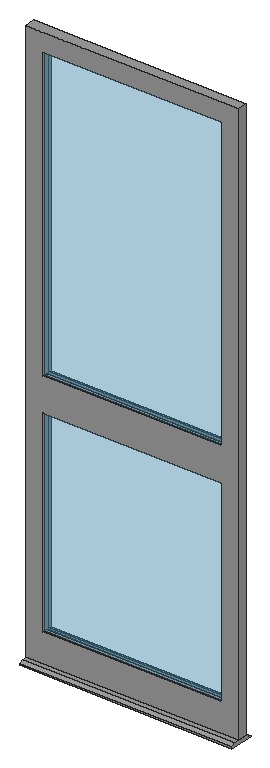
Revit family "NS-212 DOOR-VIP-1-PD-SF_v05", category Curtain Panels, Revit 2015
Parameters
  Width [instance] = 3' - 2"
  VIP2 Panic Devices [instance] = not(VIP1 Panic Devices)  # yes
  VIP1 Panic Devices [instance] = no
  URL = "obe.com"
  Rough Width [instance] = 3' - 0"
  Panel Width [instance] = [Min-Max Rough Width]  # 3' - 0"
  Offset [instance] = 0' - 0"
  Model = "NS-212 DOOR"
  Min-Max Rough Width [instance] = if(and((Rough Width > 2' 11 255/256"), (Rough Width < 3' 6 1/256")), Rough Width, 3' 0")  # 3' - 0"
  Manufacturer = "Oldcastle BuildingEnvelope®"
  Keynote = "08 11 00"
  Height [instance] = 8' - 0"
  Pushbar Height [instance] = 3' - 5 1/4"  # constant formula
  Glass Material = Glass
  Frame Material = Aluminum
  Door Panel Height [instance] = Height + 0' 0 17/32"  # 8' - 0 17/32"
  Description = "NS-212 - 1\" Door Infill"
  Assembly Code = "B2030"
  Analytic Construction = "<None>"
  6.5 Bottom Rail [instance] = not([4 Bottom Rail])  # no
  4 Bottom Rail [instance] = yes
Reference planes (in)
  plane 1 "Front": y = 0
  plane 2: z = 0
  plane 3 "Center (Left/Right)": x = 0
  plane 4 "Left": x = -19
  plane 5 "Right": x = 19
  plane 6 "Top": z = 96
  plane 7: x = -18
  plane 8: x = 18
Text (in)
  text "Exterior" at (-54.29358, 31.38743, 0), in view "Ref. Level"
  text "Exterior" at (480, 41.53993, 89.60405), in view "Right"
  text "Exterior" at (-240, 57.82419, 105.78864), in view "Left"
Dimensions and locks (in)
  equal spacing: plane 4 "Left", plane 3 "Center (Left/Right)", plane 5 "Right"
  "Width": plane 4 "Left" to plane 5 "Right"
  "Height": plane 6 "Top" to plane 2
  equal spacing: plane 7, plane 3 "Center (Left/Right)", plane 8
  "Min-Max Rough Width": plane 7 to plane 8
  aligned and locked: level to plane 2
  aligned and locked: plane 3 "Center (Left/Right)" to nested 1
  aligned and locked: plane 1 "Front" to nested 1
Nested families (in)
  nested 1: "NS-212 DOOR-VIP-1-PD-Panel_v04" at (0, -3, 0), Frame Material <- "Frame Material", Glass Material <- "Glass Material", VIP1 Panic Devices <- "VIP1 Panic Devices", 4 Bottom Rail <- "4 Bottom Rail", Height <- "Door Panel Height", Width <- "Min-Max Rough Width", Offset <- "Offset", type "NS-212 DOOR-VIP-1-PD-Panel_v04"
    with built-in parameter 1001301 3' - 0", VIP2 Panic Devices yes, VIP1 Panic Devices no, Pushbar Height 3' - 5 1/4", Offset 0' - 0", built-in parameter 1001300 8' - 0 17/32", Glass at Muntin 0' - 4 15/16", Glass Material Glass, Frame Material Aluminum, Bottom Rail 0' - 5 5/32", 6.5 Bottom Rail no, 4 Bottom Rail yes
Definition of nested family "NS-212 DOOR-VIP-1-PD-Panel_v04"
  Parameters (values of type "NS-212 DOOR-VIP-1-PD-Panel_v04")
    Width [instance] = 3' - 6"
    VIP2 Panic Devices [instance] = not(VIP1 Panic Devices)  # yes
    VIP1 Panic Devices [instance] = no
    Offset [instance] = 0' - 1"
    Height [instance] = 8' - 0"
    Glass at Muntin [instance] = if(VIP1 Panic Devices, 0' 8 15/16", 0' 4 15/16")  # 0' - 4 15/16"
    Pushbar Height [instance] = 3' - 5 1/4"  # constant formula
    Glass Material [instance] = none
    Frame Material [instance] = none
    Bottom Rail [instance] = if([4 Bottom Rail], 0' 5 5/32", 0' 7 21/32")  # 0' - 7 21/32"
    Analytic Construction = "<None>"
    6.5 Bottom Rail [instance] = not([4 Bottom Rail])  # yes
    4 Bottom Rail [instance] = no
  Reference planes (in)
    plane 1 "Center": y = 1
    plane 2: z = 0
    plane 3 "Center (Left/Right)": x = 0
    plane 4: z = 96
    plane 5: x = 21
    plane 6: x = -21
    plane 7 "Center (Front/Back)": y = 3
    plane 8 "Exterior": y = 1.5
    plane 9: z = 48
    plane 10: z = 7.65625
    plane 11: z = 38.78125
    plane 12: z = 43.71875
    plane 13: z = 92.625
    plane 14: x = 18.3445
    plane 15: x = -18.34375
    plane 16 "Offset": y = 2
    plane 17: z = 41.25
  Forms (in)
    Sweep 1, solid, material <- "Frame Material"
      path origin (0, 1, 0) x (1, 0, 0) y (0, 0, 1)
        loop
          line (-20.56287, 96) -> (20.548, 96)
      profile origin (-0.00744, 1, 96) x (0, 0, 1) y (0, -1, 0)
        loop
          line (-3.65625, -0.875) -> (-0.65625, -0.875) -> (-0.65625, 0.875) -> (-3.65625, 0.875) -> (-3.65625, 0.5) -> (-3.375, 0.5) -> (-3.375, -0.5) -> (-3.65625, -0.5) -> (-3.65625, -0.875)
    Extrusion 2, solid, material <- "Glass Material", detail levels coarse
      sketch origin (0, 0, 0) x (0, 1, 0) y (0, 0, 1)
        loop
          line (1.5, 38.78125) -> (0.5, 38.78125) -> (0.5, 7.65625) -> (1.5, 7.65625) -> (1.5, 38.78125)
      from -18.34375 to 18.3445
    Sweep 3, solid, material <- "Frame Material"
      path origin (0, 1, 0) x (1, 0, 0) y (0, 0, 1)
        loop
          line (20.82813, 0) -> (-20.814, 0)
      profile origin (0.00706, 1, 0) x (0, 0, -1) y (0, -1, 0)
        loop
          line (-0.19364, 2.1875) -> (-0.5, 1.5305) -> (-0.5, -1.1555) -> (-0.19364, -1.8125) -> (-0.00001, -1.8125) -> (-0.00001, 2.1875) -> (-0.19364, 2.1875)
        loop
          line (-0.6875, -0.875) -> (-0.6875, 0.875) -> (-7.9375, 0.875) -> (-7.9375, 0.5) -> (-7.65625, 0.5) -> (-7.65625, -0.5) -> (-7.9375, -0.5) -> (-7.9375, -0.875) -> (-0.6875, -0.875)
    Sweep 4, solid, material <- "Frame Material"
      path origin (0, 1, 0) x (1, 0, 0) y (0, 0, 1)
        loop
          line (21, 95.34375) -> (21, 0.6875)
      profile origin (21, 1, 48.01562) x (0, -1, 0) y (1, 0, 0)
        loop
          line (0.875, -0.0625) -> (-0.875, -0.1715) -> (-0.875, -2.9375) -> (-0.5, -2.9375) -> (-0.5, -2.65625) -> (0.5, -2.65625) -> (0.5, -2.9375) -> (0.875, -2.9375) -> (0.875, -0.0625)
    Sweep 5, solid, material <- "Frame Material"
      path origin (0, 1, 0) x (1, 0, 0) y (0, 0, 1)
        loop
          line (-21, 95.34375) -> (-21, 0.6875)
      profile origin (-21, 1, 48.01562) x (0, -1, 0) y (1, 0, 0)
        loop
          line (-0.875, 0.0625) -> (0.875, 0.1715) -> (0.875, 2.9375) -> (0.5, 2.9375) -> (0.5, 2.65625) -> (-0.5, 2.65625) -> (-0.5, 2.9375) -> (-0.875, 2.9375) -> (-0.875, 0.0625)
    Extrusion 6, solid, material <- "Glass Material", detail levels coarse
      sketch origin (0, 0, 0) x (0, 1, 0) y (0, 0, 1)
        loop
          line (0.5, 92.625) -> (0.5, 43.71875) -> (1.5, 43.71875) -> (1.5, 92.625) -> (0.5, 92.625)
      from -18.34375 to 18.3445
    Sweep 7, solid, material <- "Frame Material"
      path origin (0, 1, 0) x (1, 0, 0) y (0, 0, 1)
        loop
          line (18.34375, 48) -> (-18.34375, 48)
      profile origin (0, 1, 48) x (0, 0, -1) y (0, -1, 0)
        loop
          line (9.5, -0.875) -> (9.5, -0.5) -> (9.21875, -0.5) -> (9.21875, 0.5) -> (9.5, 0.5) -> (9.5, 0.875) -> (4, 0.875) -> (4, 0.5) -> (4.28125, 0.5) -> (4.28125, -0.5) -> (4, -0.5) -> (4, -0.875) -> (9.5, -0.875)
    Extrusion 8, solid, material <- "Glass Material", detail levels medium+fine
      sketch origin (0, 0, 0) x (0, 1, 0) y (0, 0, 1)
        loop
          line (1.5005, 92.625) -> (1.2525, 92.625) -> (1.2525, 43.71875) -> (1.5005, 43.71875) -> (1.5005, 92.625)
        loop
          line (0.5005, 43.71875) -> (0.7485, 43.71875) -> (0.7485, 92.625) -> (0.5005, 92.625) -> (0.5005, 43.71875)
      from -18.34375 to 18.3445
    Extrusion 9, solid, material <- "Glass Material", detail levels medium+fine
      sketch origin (0, 0, 0) x (0, 1, 0) y (0, 0, 1)
        loop
          line (0.5005, 38.78125) -> (0.5005, 7.65625) -> (0.748, 7.65625) -> (0.748, 38.78125) -> (0.5005, 38.78125)
        loop
          line (1.5, 7.65625) -> (1.5, 38.78125) -> (1.252, 38.78125) -> (1.252, 7.65625) -> (1.5, 7.65625)
      from -18.34375 to 18.3445
  Cuts and joins
    joined: Sweep 1, Sweep 3, Sweep 4, Sweep 5, Sweep 7
  Lines and regions (in)
    model lines
      curve 1: line (18.3445, 1.5, 92.625) -> (-18.34375, 1.5, 48)
      curve 2: line (-18.34375, 1.5, 48) -> (18.3445, 1.5, 7.65625)
  Dimensions and locks (in)
    "Height": plane 4 to level
    "Width": plane 6 to plane 5
    Extrusion 2 sketch curve to plane 1 "Center" to Extrusion 2 sketch curve = 0' - 0 1/2" locked, 0' - 0 1/2" locked
    "Bottom Rail": Extrusion 2 sketch curve to level
    "Offset": plane 16 "Offset" to plane 7 "Center (Front/Back)"
    equal spacing: level, plane 9, plane 4
    locked: Sweep 3 sketch curve to plane 6 at 0.186
    locked: plane 5 to Sweep 3 sketch curve at 0.17188
    locked: Sweep 4 sketch curve to plane 4 at 0.65625
    locked: Sweep 5 sketch curve to plane 4 at 0.65625
    locked: Sweep 1 sketch curve to plane 6 at 0.43712
    locked: plane 5 to Sweep 1 sketch curve at 0.452
    Extrusion 6 sketch curve to plane 1 "Center" to Extrusion 6 sketch curve = 0' - 0 1/2" locked, 0' - 0 1/2" locked
    locked: plane 5 to Sweep 7 sketch curve at 2.65625
    locked: Sweep 7 sketch curve to plane 6 at 2.65625
    locked: Sweep 3 sketch curve to Sweep 3 sketch curve at 0.28125
    "Bottom Rail": plane 2 to plane 10
    "Glass at Muntin": plane 11 to plane 12
    locked: plane 13 to plane 4 at 3.375
    locked: plane 12 to Sweep 7 sketch curve at 0.28125  (x2)
    locked: Sweep 7 sketch curve to plane 11 at 0.28125  (x2)
    locked: plane 10 to Sweep 3 sketch curve at 0.28125
    locked: plane 6 to plane 15 at 2.65625
    locked: plane 14 to plane 5 at 2.6555
    equal spacing: plane 6, plane 3 "Center (Left/Right)", plane 5
    plane 16 "Offset" to Extrusion 8 sketch curve to Extrusion 8 sketch curve to Extrusion 8 sketch curve to Extrusion 8 sketch curve = 0' - 0.4995" locked, 0' - 0.248" locked, 0' - 0.504" locked, 0' - 0.248" locked
    plane 16 "Offset" to Extrusion 9 sketch curve to Extrusion 9 sketch curve to Extrusion 9 sketch curve to Extrusion 9 sketch curve = 0' - 0 1/2" locked, 0' - 0.248" locked, 0' - 0.504" locked, 0' - 0.2475" locked
    equal spacing: plane 11, plane 17, plane 12
    "Pushbar Height": plane 2 to plane 17
    locked: Sweep 5 sketch curve to plane 2 at 0.6875
    locked: Sweep 4 sketch curve to plane 2 at 0.6875
    locked: nested 2 to plane 1 "Center" at 1.25391
    plane 16 "Offset" to nested 1 = 0' - 1"
    plane 1 "Center" to plane 8 "Exterior" to plane 16 "Offset" = 0' - 0 1/2" locked, 0' - 0 1/2" locked
    aligned and locked: plane 2 to level
    aligned and locked: Sweep 1 sketch curve to plane 4
    aligned and locked: Sweep 3 sketch curve to level
    aligned and locked: plane 5 to Sweep 4 sketch curve
    aligned and locked: plane 6 to Sweep 5 sketch curve
    aligned and locked: Sweep 7 sketch curve to plane 9
    aligned and locked: plane 2 to nested 1
    aligned and locked: nested 1 to plane 1 "Center"
    aligned and locked: Sweep 7 sketch curve to plane 12
    aligned and locked: plane 12 to Extrusion 6
    aligned and locked: Extrusion 6 to plane 13
    aligned and locked: plane 10 to Extrusion 2
    aligned and locked: Extrusion 2 to plane 11
    aligned and locked: Sweep 1 sketch curve to plane 13
    aligned and locked: plane 11 to Sweep 7 sketch curve
    aligned and locked: plane 10 to Sweep 3 sketch curve
    aligned and locked: Extrusion 6 to plane 15
    aligned and locked: plane 14 to Extrusion 6
    aligned and locked: plane 14 to Extrusion 2
    aligned and locked: Extrusion 2 to plane 15
    aligned and locked: plane 15 to Extrusion 2  (x2)
    aligned and locked: Extrusion 2 to plane 14
    aligned and locked: plane 14 to curve 2
    aligned and locked: plane 9 to curve 1
    aligned and locked: nested 2 to plane 3 "Center (Left/Right)"
    aligned and locked: plane 12 to Extrusion 8  (x2)
    aligned and locked: Extrusion 8 to plane 13  (x2)
    aligned and locked: plane 10 to Extrusion 9  (x2)
    aligned and locked: Extrusion 9 to plane 11  (x2)
    aligned and locked: Extrusion 8 to plane 15
    aligned and locked: plane 14 to Extrusion 8
    aligned and locked: plane 14 to Extrusion 9
    aligned and locked: Extrusion 9 to plane 15
  Automatic sketch dimensions
    level to Extrusion 6 sketch curve = 3' - 7 23/32"
    Extrusion 6 sketch curve to plane 4 = 0' - 3 3/8"
    profile plane to Sweep 1 sketch curve = 0' - 0 21/32"
    Sweep 1 sketch curve to plane 1 "Center" = 0' - 0 7/8"
    plane 1 "Center" to Sweep 1 sketch curve = 0' - 0 7/8"
    Sweep 1 sketch curve to Sweep 1 sketch curve = 0' - 0 3/8"  (x2)
    plane 1 "Center" to Sweep 7 sketch curve = 0' - 0 7/8"
    plane 1 "Center" to Sweep 7 sketch curve = 0' - 0 1/2"
    Sweep 7 sketch curve to plane 1 "Center" = 0' - 0 1/2"  (x2)
    Sweep 7 sketch curve to Sweep 7 sketch curve = 0' - 0 3/8"  (x2)
    profile plane to Sweep 3 sketch curve = 0' - 0.19364"  (x2)
    profile plane to Sweep 3 sketch curve = 0' - 0"
    Sweep 3 sketch curve to plane 1 "Center" = 0' - 1 13/16"
    Sweep 3 sketch curve to Sweep 3 sketch curve = 0' - 0.657"  (x2)
    Sweep 3 sketch curve to Sweep 3 sketch curve = 0' - 0 3/8"
    plane 1 "Center" to Sweep 3 sketch curve = 0' - 0 1/2"
    plane 1 "Center" to Sweep 3 sketch curve = 0' - 0 7/8"
    Sweep 1 sketch curve to Sweep 1 sketch curve = 0' - 0 9/32"  (x2)
    curve 1 to plane 13 = 0' - 0"
    Sweep 4 sketch curve to plane 1 "Center" = 0' - 0 7/8"
    Sweep 4 sketch curve to Sweep 4 sketch curve = 0' - 0 3/8"  (x2)
    plane 1 "Center" to Sweep 4 sketch curve = 0' - 0 1/2"
    profile plane to Sweep 4 sketch curve = 0' - 2 15/16"
    Sweep 4 sketch curve to Sweep 4 sketch curve = 0' - 0"
    Sweep 4 sketch curve to Sweep 4 sketch curve = 0' - 0 9/32"
    profile plane to Sweep 4 sketch curve = 0' - 0.1715"
    profile plane to Sweep 4 sketch curve = 0' - 0 1/16"
    curve 1 to plane 14 = 0' - 0"
    Sweep 5 sketch curve to profile plane = 0' - 0 1/16"
    Sweep 5 sketch curve to plane 1 "Center" = 0' - 0 7/8"
    Sweep 5 sketch curve to Sweep 5 sketch curve = 0' - 0 3/8"
    plane 1 "Center" to Sweep 5 sketch curve = 0' - 0 1/2"
    Sweep 5 sketch curve to profile plane = 0' - 0.1715"
    plane 1 "Center" to Sweep 5 sketch curve = 0' - 0 7/8"
    Sweep 5 sketch curve to Sweep 5 sketch curve = 0' - 2 19/32"
    Sweep 5 sketch curve to Sweep 5 sketch curve = 0' - 0 9/32"  (x2)
    curve 2 to plane 15 = 0' - 0"
    curve 2 to plane 10 = 0' - 0"
    Sweep 3 sketch curve to Sweep 3 sketch curve = 0' - 0 3/16"
    Sweep 3 sketch curve to Sweep 3 sketch curve = 0' - 2.4055"
    profile plane to Sweep 3 sketch curve = 0' - 0 1/2"
    Sweep 3 sketch curve to Sweep 3 sketch curve = 0' - 0.6555"
    plane 12 to Extrusion 8 sketch curve = 0' - 0"  (x2)
    plane 13 to Extrusion 8 sketch curve = 0' - 0"  (x2)
    plane 10 to Extrusion 9 sketch curve = 0' - 0"  (x2)
    plane 11 to Extrusion 9 sketch curve = 0' - 0"  (x2)
    plane 11 to Extrusion 2 sketch curve = 0' - 0"
  Nested families (in)
    nested 1: "NS-212 DOOR-VIP-1-PD-Section_v02" at (0, 1, 0) x (0, -1, 0) z (1, 0, 0), VIP1 Panic Devices <- "VIP1 Panic Devices", Height <- "Height", 4 Bottom Rail <- "4 Bottom Rail", type "NS-212 DOOR-VIP-1-PD-Section_v02"
      with VIP2 Panic Devices yes, VIP1 Panic Devices no, Pushbar Height 3' - 5 1/4", Height 8' - 0", Glass at Muntins 0' - 4 15/16", Bottom Rail 0' - 7 21/32", 6.5 Bottom Rail yes, 4 Bottom Rail no
    nested 2: "NS-212 PIVOT DOOR-VIP-1-Plan View_v02" at (0, 1.0625, 0) x (-1, 0, 0) z (0, 0, 1), Width <- "Width", type "NS-212 PIVOT DOOR-VIP-1-Plan View_v02"
      with Width 3' - 6"
  Definition of nested family "NS-212 DOOR-VIP-1-PD-Section_v02"
    Parameters (values of type "NS-212 DOOR-VIP-1-PD-Section_v02")
      VIP2 Panic Devices [instance] = not(VIP1 Panic Devices)  # yes
      VIP1 Panic Devices [instance] = no
      Height [instance] = 8' - 0"
      Pushbar Height [instance] = 3' - 5 1/4"  # constant formula
      Glass at Muntins [instance] = if(VIP2 Panic Devices, 0' 4 15/16", 0' 8 15/16")  # 0' - 4 15/16"
      Bottom Rail [instance] = if([6.5 Bottom Rail], 0' 7 21/32", 0' 5 5/32")  # 0' - 5 5/32"
      4 Bottom Rail [instance] = yes
      6.5 Bottom Rail [instance] = not([4 Bottom Rail])  # no
    Reference planes (in)
      plane 1 "Center (Front/Back)": y = 0
      plane 2: z = 0
      plane 3 "Center (Left/Right)": x = 0
      plane 4: y = 5.15625
      plane 5: y = 92.625
      plane 6: y = 96
      plane 7: y = 43.71875
      plane 8: y = 38.78125
      plane 9: y = 44
      plane 10: y = 41.25
      plane 11: y = 46
    Lines and regions (in)
      detail lines, in view "Ref. Level"
        curve 1: line (-0.5, 92.625, 0) -> (-0.5, 43.71875, 0)
        curve 5: line (0.5, 92.625, 0) -> (0.5, 43.71875, 0)
        curve 6: line (0.5, 38.78125, 0) -> (0.5, 5.15625, 0)
        curve 10: line (-0.5, 38.78125, 0) -> (-0.5, 5.15625, 0)
      detail lines, in view "Ref. Level", detail levels fine
        curve 2: line (-0.438, 92.625, 0) -> (-0.438, 43.71875, 0)
        curve 3: line (-0.376, 92.625, 0) -> (-0.376, 43.71875, 0)
        curve 4: line (-0.314, 92.625, 0) -> (-0.314, 43.71875, 0)
        curve 7: line (-0.314, 38.78125, 0) -> (-0.314, 5.15625, 0)
        curve 8: line (-0.376, 38.78125, 0) -> (-0.376, 5.15625, 0)
        curve 9: line (-0.438, 38.78125, 0) -> (-0.438, 5.15625, 0)
        curve 11: line (0.314, 92.625, 0) -> (0.314, 43.71875, 0)
        curve 12: line (0.376, 92.625, 0) -> (0.376, 43.71875, 0)
        curve 13: line (0.438, 92.625, 0) -> (0.438, 43.71875, 0)
        curve 16: line (0.438, 38.78125, 0) -> (0.438, 5.15625, 0)
        curve 17: line (0.376, 38.78125, 0) -> (0.376, 5.15625, 0)
        curve 18: line (0.314, 38.78125, 0) -> (0.314, 5.15625, 0)
      detail lines, in view "Ref. Level", detail levels medium+fine
        curve 14: line (-0.252, 92.625, 0) -> (-0.252, 43.71875, 0)
        curve 15: line (0.252, 92.625, 0) -> (0.252, 43.71875, 0)
        curve 19: line (-0.252, 38.78125, 0) -> (-0.252, 5.15625, 0)
        curve 20: line (0.252, 38.78125, 0) -> (0.252, 5.15625, 0)
    Dimensions and locks (in)
      "Bottom Rail": plane 4 to plane 1 "Center (Front/Back)"
      locked: plane 6 to plane 5 at 3.375
      "Height": plane 6 to plane 1 "Center (Front/Back)"
      plane 10 to plane 9 to plane 11 = 0' - 2 3/4" locked, 0' - 2" locked
      locked: nested 1 to plane 6 at 2.96875
      "Glass at Muntins": plane 8 to plane 7
      equal spacing: plane 8, plane 10, plane 7
      "Pushbar Height": plane 1 "Center (Front/Back)" to plane 10
      aligned and locked: plane 5 to curve 2
      aligned and locked: plane 5 to curve 1
      aligned and locked: plane 3 "Center (Left/Right)" to nested 1
      aligned and locked: plane 4 to curve 10
      aligned and locked: plane 4 to curve 9
      aligned and locked: plane 4 to curve 6
      aligned and locked: plane 4 to curve 7
      aligned and locked: plane 4 to curve 8
      aligned and locked: plane 5 to curve 5
      aligned and locked: plane 5 to curve 4
      aligned and locked: plane 5 to curve 3
      aligned and locked: plane 7 to curve 1
      aligned and locked: plane 7 to curve 2
      aligned and locked: plane 7 to curve 3
      aligned and locked: plane 7 to curve 4
      aligned and locked: plane 7 to curve 5
      aligned and locked: plane 8 to curve 6
      aligned and locked: plane 8 to curve 7
      aligned and locked: plane 8 to curve 8
      aligned and locked: plane 8 to curve 9
      aligned and locked: plane 8 to curve 10
      aligned and locked: plane 3 "Center (Left/Right)" to nested 2
      aligned and locked: plane 9 to nested 3
      aligned and locked: plane 3 "Center (Left/Right)" to nested 3
      aligned and locked: plane 3 "Center (Left/Right)" to nested 4
      aligned and locked: plane 3 "Center (Left/Right)" to nested 5
      aligned and locked: plane 5 to curve 13
      aligned and locked: plane 5 to curve 12
      aligned and locked: plane 5 to curve 11
      aligned and locked: plane 5 to curve 15
      aligned and locked: plane 5 to curve 14
      aligned and locked: plane 7 to curve 13
      aligned and locked: plane 7 to curve 12
      aligned and locked: plane 7 to curve 11
      aligned and locked: plane 7 to curve 15
      aligned and locked: plane 7 to curve 14
      aligned and locked: plane 8 to curve 16
      aligned and locked: plane 8 to curve 17
      aligned and locked: plane 8 to curve 18
      aligned and locked: plane 8 to curve 20
      aligned and locked: plane 8 to curve 19
      aligned and locked: plane 4 to curve 16
      aligned and locked: plane 4 to curve 17
      aligned and locked: plane 4 to curve 18
      aligned and locked: plane 4 to curve 20
      aligned and locked: plane 4 to curve 19
      aligned and locked: plane 1 "Center (Front/Back)" to nested 5
      aligned and locked: plane 1 "Center (Front/Back)" to nested 4
      aligned and locked: plane 11 to nested 2
    Automatic sketch dimensions
      curve 1 to plane 3 "Center (Left/Right)" = 0' - 0 1/2"
      curve 10 to plane 3 "Center (Left/Right)" = 0' - 0 1/2"
      curve 1 to curve 2 = 0' - 0.062"
      curve 10 to curve 9 = 0' - 0.062"
      curve 9 to curve 8 = 0' - 0.062"
      curve 2 to curve 3 = 0' - 0.062"
      curve 8 to curve 7 = 0' - 0.062"
      curve 3 to curve 4 = 0' - 0.062"
      curve 7 to curve 19 = 0' - 0.062"
      curve 4 to curve 14 = 0' - 0.062"
      plane 3 "Center (Left/Right)" to curve 15 = 0' - 0.252"
      plane 3 "Center (Left/Right)" to curve 20 = 0' - 0.252"
      curve 20 to curve 18 = 0' - 0.062"
      curve 15 to curve 11 = 0' - 0.062"
      curve 11 to curve 12 = 0' - 0.062"
      curve 18 to curve 17 = 0' - 0.062"
      curve 17 to curve 16 = 0' - 0.062"
      curve 12 to curve 13 = 0' - 0.062"
      curve 13 to curve 5 = 0' - 0.062"
      curve 16 to curve 6 = 0' - 0.062"
      plane 7 to curve 14 = 0' - 0"
    Nested families (in)
      nested 1: "TOP RAIL-DI" at (0, 98.96875, 0), type "TOP RAIL-DI", in view "Ref. Level"
      nested 2: "MIDRAIL-VIP1-DI" at (0, 46, 0), visible <- "VIP1 Panic Devices", type "MIDRAIL-VIP1-DI", in view "Ref. Level"
      nested 3: "MIDRAIL-VIP2-DI" at (0, 44, 0), visible <- "VIP2 Panic Devices", type "MIDRAIL-VIP2-DI", in view "Ref. Level"
      nested 4: "4 BOT RAIL-DI" at (0, 5.4375, 0), visible <- "4 Bottom Rail", type "4 BOT RAIL-DI", in view "Ref. Level"
      nested 5: "6.5 BOT RAIL-DI" at (0, 7.9375, 0), visible <- "6.5 Bottom Rail", type "6.5 BOT RAIL-DI", in view "Ref. Level"
    Definition of nested family "TOP RAIL-DI"
      Reference planes (in)
        plane 1 "Center (Front/Back)": y = 0
        plane 2: z = 0
        plane 3 "Center (Left/Right)": x = 0
      Lines and regions (in)
        detail lines, in view "Ref. Level"
          curve 1: line (0.875, -6.625, 0) -> (0.875, -3.625, 0)
          curve 2: line (0.875, -3.625, 0) -> (-0.875, -3.625, 0)
          curve 3: line (-0.875, -3.625, 0) -> (-0.875, -6.625, 0)
          curve 4: line (-0.875, -6.625, 0) -> (-0.5, -6.625, 0)
          curve 5: line (-0.5, -6.625, 0) -> (-0.5, -6.34375, 0)
          curve 6: line (-0.5, -6.34375, 0) -> (0.5, -6.34375, 0)
          curve 7: line (0.5, -6.34375, 0) -> (0.5, -6.625, 0)
          curve 8: line (0.5, -6.625, 0) -> (0.875, -6.625, 0)
    Definition of nested family "MIDRAIL-VIP1-DI"
      Reference planes (in)
        plane 1 "Center (Front/Back)": y = 0
        plane 2: z = 0
        plane 3 "Center (Left/Right)": x = 0
      Lines and regions (in)
        detail lines, in view "Ref. Level"
          curve 1: line (-0.875, 0, 0) -> (-0.5, 0, 0)
          curve 2: line (-0.5, 0, 0) -> (-0.5, -0.28125, 0)
          curve 3: line (-0.5, -0.28125, 0) -> (0.5, -0.28125, 0)
          curve 4: line (0.5, -0.28125, 0) -> (0.5, 0, 0)
          curve 5: line (0.5, 0, 0) -> (0.875, 0, 0)
          curve 6: line (0.875, 0, 0) -> (0.875, -9.5, 0)
          curve 7: line (0.875, -9.5, 0) -> (0.5, -9.5, 0)
          curve 8: line (0.5, -9.5, 0) -> (0.5, -9.21875, 0)
          curve 9: line (0.5, -9.21875, 0) -> (-0.5, -9.21875, 0)
          curve 10: line (-0.5, -9.21875, 0) -> (-0.5, -9.5, 0)
          curve 11: line (-0.5, -9.5, 0) -> (-0.875, -9.5, 0)
          curve 12: line (-0.875, -9.5, 0) -> (-0.875, 0, 0)
    Definition of nested family "MIDRAIL-VIP2-DI"
      Reference planes (in)
        plane 1 "Center (Front/Back)": y = 0
        plane 2: z = 0
        plane 3 "Center (Left/Right)": x = 0
      Lines and regions (in)
        detail lines, in view "Ref. Level"
          curve 1: line (-0.875, 0, 0) -> (-0.5, 0, 0)
          curve 2: line (-0.5, 0, 0) -> (-0.5, -0.28125, 0)
          curve 3: line (-0.5, -0.28125, 0) -> (0.5, -0.28125, 0)
          curve 4: line (0.5, -0.28125, 0) -> (0.5, 0, 0)
          curve 5: line (0.5, 0, 0) -> (0.875, 0, 0)
          curve 6: line (0.875, 0, 0) -> (0.875, -5.5, 0)
          curve 7: line (0.875, -5.5, 0) -> (0.5, -5.5, 0)
          curve 8: line (0.5, -5.5, 0) -> (0.5, -5.21875, 0)
          curve 9: line (0.5, -5.21875, 0) -> (-0.5, -5.21875, 0)
          curve 10: line (-0.5, -5.21875, 0) -> (-0.5, -5.5, 0)
          curve 11: line (-0.5, -5.5, 0) -> (-0.875, -5.5, 0)
          curve 12: line (-0.875, -5.5, 0) -> (-0.875, 0, 0)
    Definition of nested family "4 BOT RAIL-DI"
      Reference planes (in)
        plane 1 "Center (Front/Back)": y = 0
        plane 2: z = 0
        plane 3 "Center (Left/Right)": x = 0
      Lines and regions (in)
        detail lines, in view "Ref. Level"
          curve 1: line (0.875, 0, 0) -> (0.5, 0, 0)
          curve 2: line (0.5, 0, 0) -> (0.5, -0.28125, 0)
          curve 3: line (0.5, -0.28125, 0) -> (-0.5, -0.28125, 0)
          curve 4: line (-0.5, -0.28125, 0) -> (-0.5, 0, 0)
          curve 5: line (-0.5, 0, 0) -> (-0.875, 0, 0)
          curve 6: line (-0.875, 0, 0) -> (-0.875, -4.75, 0)
          curve 7: line (1.5305, -4.9375, 0) -> (-1.1555, -4.9375, 0)
          curve 8: line (-1.1555, -4.9375, 0) -> (-1.8125, -5.24386, 0)
          curve 9: line (-1.8125, -5.24386, 0) -> (-1.8125, -5.43749, 0)
          curve 10: line (-1.8125, -5.43749, 0) -> (2.1875, -5.43749, 0)
          curve 11: line (2.1875, -5.43749, 0) -> (2.1875, -5.24386, 0)
          curve 12: line (2.1875, -5.24386, 0) -> (1.5305, -4.9375, 0)
          curve 13: line (0.875, -4.75, 0) -> (0.875, 0, 0)
          curve 14: line (0.875, -4.75, 0) -> (-0.875, -4.75, 0)
    Definition of nested family "6.5 BOT RAIL-DI"
      Reference planes (in)
        plane 1 "Center (Front/Back)": y = 0
        plane 2: z = 0
        plane 3 "Center (Left/Right)": x = 0
      Lines and regions (in)
        detail lines, in view "Ref. Level"
          curve 1: line (-0.875, -7.25, 0) -> (0.875, -7.25, 0)
          curve 2: line (0.875, -7.25, 0) -> (0.875, 0, 0)
          curve 3: line (0.875, 0, 0) -> (0.5, 0, 0)
          curve 4: line (0.5, 0, 0) -> (0.5, -0.28125, 0)
          curve 5: line (0.5, -0.28125, 0) -> (-0.5, -0.28125, 0)
          curve 6: line (-0.5, -0.28125, 0) -> (-0.5, 0, 0)
          curve 7: line (-0.5, 0, 0) -> (-0.875, 0, 0)
          curve 8: line (-0.875, 0, 0) -> (-0.875, -7.25, 0)
          curve 9: line (-1.1555, -7.4375, 0) -> (-1.8125, -7.74386, 0)
          curve 10: line (-1.8125, -7.74386, 0) -> (-1.8125, -7.93749, 0)
          curve 11: line (-1.8125, -7.93749, 0) -> (2.1875, -7.93749, 0)
          curve 12: line (2.1875, -7.93749, 0) -> (2.1875, -7.74386, 0)
          curve 13: line (2.1875, -7.74386, 0) -> (1.5305, -7.4375, 0)
          curve 14: line (1.5305, -7.4375, 0) -> (-1.1555, -7.4375, 0)
  Definition of nested family "NS-212 PIVOT DOOR-VIP-1-Plan View_v02"
    Parameters (values of type "NS-212 PIVOT DOOR-VIP-1-Plan View_v02")
      Width [instance] = 3' - 0"
    Reference planes (in)
      plane 1 "Center (Front/Back)": y = 0
      plane 2: z = 0
      plane 3 "Center (Left/Right)": x = 0
      plane 4: x = -18
      plane 5: x = 18
      plane 6: x = -16.75
      plane 7: y = 1.31641
      plane 8: y = -37.1875
      plane 9: x = -17.9375
      plane 10: y = -1.1875
    Lines and regions (in)
      detail lines, in view "Ref. Level", not visible
        curve 1: line (-15.03125, 0.5, 0) -> (15.34375, 0.5, 0)
        curve 2: line (-15.03125, -0.5, 0) -> (15.34375, -0.5, 0)
        curve 13: line (-15.03125, -0.252, 0) -> (15.34375, -0.252, 0)
        curve 14: line (-15.03125, 0.252, 0) -> (15.34375, 0.252, 0)
      detail lines, in view "Ref. Level"
        curve 3: line (-17.25, -34.46875, 0) -> (-17.25, -3.78125, 0)
        curve 7: line (-16.25, -34.46875, 0) -> (-16.25, -3.78125, 0)
        curve 15: arc (-17.625, -37.0625, 0) -> (7.65093, -26.33398, 0) -> (17.9375, -0.875, 0) r 35.87636
      detail lines, in view "Ref. Level", detail levels fine
        curve 4: line (-17.188, -34.46875, 0) -> (-17.188, -3.78125, 0)
        curve 5: line (-17.126, -34.46875, 0) -> (-17.126, -3.78125, 0)
        curve 6: line (-17.064, -34.46875, 0) -> (-17.064, -3.78125, 0)
        curve 8: line (-16.436, -34.46875, 0) -> (-16.436, -3.78125, 0)
        curve 9: line (-16.374, -34.46875, 0) -> (-16.374, -3.78125, 0)
        curve 10: line (-16.312, -34.46875, 0) -> (-16.312, -3.78125, 0)
      detail lines, in view "Ref. Level", detail levels medium+fine
        curve 11: line (-17.002, -34.46875, 0) -> (-17.002, -3.78125, 0)
        curve 12: line (-16.498, -34.46875, 0) -> (-16.498, -3.78125, 0)
    Dimensions and locks (in)
      "Width": plane 4 to plane 5
      equal spacing: plane 4, plane 3 "Center (Left/Right)", plane 5
      "Width": plane 8 to plane 10
      locked: plane 4 to plane 6 at 1.25
      locked: plane 1 "Center (Front/Back)" to plane 7 at 1.31641
      locked: plane 8 to nested 2 at 2.218
      locked: plane 5 to nested 1 at 2.2805
      locked: plane 7 to nested 4 at 0.16091
      locked: plane 10 to plane 1 "Center (Front/Back)" at 1.1875
      locked: plane 4 to plane 9 at 0.0625
      locked: nested 3 to plane 6 at 3.5305
      aligned and locked: nested 1 to plane 1 "Center (Front/Back)"
      aligned and locked: plane 1 "Center (Front/Back)" to nested 3
      aligned and locked: curve 15 to nested 1
      aligned and locked: plane 6 to nested 4
      aligned and locked: nested 2 to plane 6
    Automatic sketch dimensions
      curve 15 to plane 9 = 0' - 0"
      plane 10 to curve 15 = 0' - 0"
      plane 8 to curve 15 = 0' - 0 1/8"
      plane 6 to curve 3 = 0' - 0 1/2"
      curve 3 to curve 4 = 0' - 0.062"
      curve 4 to curve 5 = 0' - 0.062"
      plane 6 to curve 6 = 0' - 0.314"
      plane 6 to curve 11 = 0' - 0.252"
      curve 11 to curve 12 = 0' - 0.504"
      curve 12 to curve 8 = 0' - 0.062"
      curve 8 to curve 9 = 0' - 0.062"
      curve 9 to curve 10 = 0' - 0.062"
      curve 10 to curve 7 = 0' - 0.062"
      plane 1 "Center (Front/Back)" to curve 2 = 0' - 0 1/2"
      curve 2 to plane 6 = 0' - 1 23/32"
      curve 1 to curve 2 = 0' - 0"
      curve 13 to curve 2 = 0' - 0"  (x2)
      curve 14 to curve 1 = 0' - 0"
      curve 14 to plane 1 "Center (Front/Back)" = 0' - 0.252"
      curve 14 to plane 5 = 0' - 2 21/32"
      curve 2 to curve 14 = 0' - 0"
      curve 1 to curve 14 = 0' - 0"
      curve 15 to plane 5 = 0' - 0 1/16"
      plane 10 to curve 8 = 0' - 2 19/32"
      curve 8 to curve 10 = 0' - 0"  (x2)
      curve 6 to curve 8 = 0' - 0"
      curve 5 to curve 6 = 0' - 0"  (x2)
      curve 8 to curve 9 = 0' - 0"
      curve 6 to curve 11 = 0' - 0"  (x2)
      curve 12 to curve 8 = 0' - 0"  (x2)
      curve 3 to curve 5 = 0' - 0"
      curve 10 to curve 7 = 0' - 0"  (x2)
      curve 4 to curve 5 = 0' - 0"  (x2)
      curve 15 to curve 6 = 0' - 2 19/32"
      curve 6 to curve 10 = 0' - 0"
      curve 3 to curve 4 = 0' - 0"
      curve 9 to curve 8 = 0' - 0"
      curve 2 to curve 13 = 0' - 0.248"
      curve 14 to curve 1 = 0' - 0.248"
    Nested families (in)
      nested 1: "HINGE-PD-DI" at (20.2805, 0, 0) x (-1, 0, 0) z (0, 0, 1), type "HINGE-PD-DI", in view "Ref. Level", not visible
      nested 2: "HINGE-PD-DI" at (-16.75, -39.4055, 0) x (0, 1, 0) z (0, 0, 1), type "HINGE-PD-DI", in view "Ref. Level"
      nested 3: "HINGE-PD-DI" at (-20.2805, 0, 0), type "HINGE-PD-DI", in view "Ref. Level", not visible
      nested 4: "HINGE-PD-DI" at (-16.75, 1.1555, 0) x (0, -1, 0) z (0, 0, 1), type "HINGE-PD-DI", in view "Ref. Level"
    Definition of nested family "HINGE-PD-DI"
      Reference planes (in)
        plane 1 "Center (Front/Back)": y = 0
        plane 2: z = 0
        plane 3 "Center (Left/Right)": x = 0
      Lines and regions (in)
        detail lines, in view "Ref. Level"
          curve 1: line (2.343, -0.875, 0) -> (5.218, -0.875, 0)
          curve 2: line (5.218, -0.875, 0) -> (5.218, -0.5, 0)
          curve 3: line (5.218, -0.5, 0) -> (4.93675, -0.5, 0)
          curve 4: line (4.93675, -0.5, 0) -> (4.93675, 0.5, 0)
          curve 5: line (4.93675, 0.5, 0) -> (5.218, 0.5, 0)
          curve 6: line (5.218, 0.5, 0) -> (5.218, 0.875, 0)
          curve 7: line (5.218, 0.875, 0) -> (2.452, 0.875, 0)
          curve 8: line (2.452, 0.875, 0) -> (2.343, -0.875, 0)
